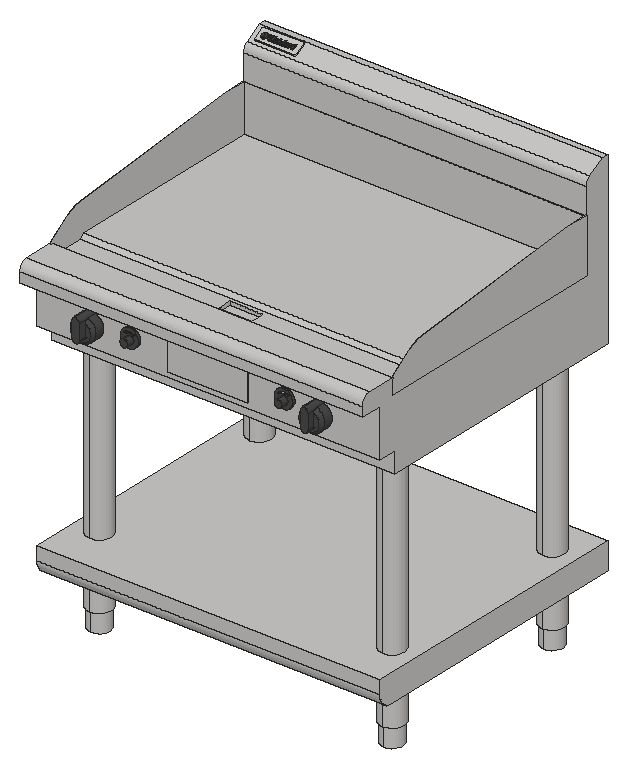
Revit family "QF_MOFFAT WALDORF_GP8900G-LS", category Specialty Equipment, Revit 2012
Parameters
  Weight in Pounds = 346.1253  # constant formula
  Width [instance] = 900.00 mm  # constant formula
  URL Cutsheet = "www.moffat.com"
  URL = "www.moffat.com"
  Type Mark [instance] = ""
  Status [instance] = ""
  Specification by User [instance] = ""
  Specification by Manufacturer = ""
  Show Logo [instance] = yes
  Show Casters [instance] = no
  Serial Number = ""
  Seismic Rating = ""
  SMACNA No = ""
  Revision Code [instance] = ""
  Omniclass Number and Title = ""
  NAFEM Spec ID Number = ""
  Model = "GP8900G-LS"
  Mechanical Remarks = ""
  Mechanical Connection Type = ""
  Masterspec = ""
  Manufacturer = "MOFFAT WALDORF"
  Legs [instance] = not(Show Casters)  # yes
  Item Number [instance] = ""
  Installed By [instance] = ""
  Identify Quantity as Lot [instance] = yes
  Height = 1130.00 mm  # constant formula
  Gas Size = 3/4"
  Gas RI Height = 0.00 mm
  Gas KW = 22.2
  Gas Input = 75825.0 Btu/h
  Gas Connection Height = 0.00 mm
  Furnished By [instance] = ""
  Foodservice Equipment Identifier [instance] = yes
  Description = "GRIDDLE PLATE GAS ON LEG STAND"
  Depth [instance] = 805.00 mm  # constant formula
  CSI MasterFormat = ""
  CSI Master Format = ""
  Back Splash [instance] = 215.00 mm  # constant formula
Reference planes
  plane 1 "BACK": y = 0
  plane 2: z = 0
  plane 3 "LEFT": x = 0
  plane 4 "RIGHT": x = 900
  plane 5 "FRONT": y = -805
  plane 6 "TOP": z = 1130
  plane 7 "Center Y": x = 450
  plane 8 "Center X": y = -402.5
  plane 9 "Base Height": z = 150
  plane 10: z = 915
  plane 11: x = 65
  plane 12: x = 834
  plane 13: y = -625
  plane 14: y = -100
  plane 15: x = 770
  plane 16: z = 655
  plane 17: y = -32
Forms (mm)
  Extrusion 1, solid, material "QF_Finishes_Stainless Steel"
    sketch origin (0, 0, 0) x (0, 1, 0) y (0, 0, 1)
      loop
        line (0, 222.5) -> (-749, 222.5) -> (-749, 188)
        arc (-749, 188) -> (-737.87, 161.13) -> (-711, 150) r 38
        line (-711, 150) -> (0, 150) -> (0, 222.5)
      loop
        line (-805, 891) -> (-805, 866) -> (-749, 866) -> (-749, 740) -> (-699, 740) -> (-699, 685) -> (0, 685) -> (0, 1130) -> (-16.5, 1130) -> (-58, 1106.04)
        arc (-58, 1106.04) -> (-66.785, 1097.255) -> (-70, 1085.255) r 24
        line (-70, 1085.255) -> (-70, 875) -> (-705, 875) -> (-705, 915) -> (-781, 915)
        arc (-781, 915) -> (-797.971, 907.971) -> (-805, 891) r 24
    from 0 to 900
  Extrusion 2, solid, material "QF_Finishes_Stainless Steel"
    sketch origin (0, -699, 222.5) x (0, -1, 0) y (1, 0, 0)
      loop
        circle (-599, 65) r 31.75
      loop
        circle (-599, 834) r 31.75
      loop
        circle (-74, 65) r 31.75
      loop
        circle (-74, 834) r 31.75
    from 0 to 462.5
  Revolve 3, solid, material "QF_Finishes_Stainless Steel", visible <- "Legs"
    sketch origin (834, -210, 0) x (0, 1, 0) y (0, 0, -1)
      loop
        line (78.25, -150) -> (110, -150) -> (110, 0) -> (82.5, 0) -> (82.5, -50) -> (78.25, -50) -> (78.25, -150)
      axis (110, -150) -> (110, 0)
    angle from 0 to 360
  Revolve 4, solid, material "QF_Finishes_Stainless Steel"
    sketch origin (834, -735, 0) x (0, 1, 0) y (0, 0, -1)
      loop
        line (78.25, -150) -> (110, -150) -> (110, 0) -> (82.5, 0) -> (82.5, -50) -> (78.25, -50) -> (78.25, -150)
      axis (110, -150) -> (110, 0)
    angle from 0 to 360
  Revolve 5, solid, material "QF_Finishes_Stainless Steel", visible <- "Legs"
    sketch origin (65, -210, 0) x (0, 1, 0) y (0, 0, -1)
      loop
        line (78.25, -150) -> (110, -150) -> (110, 0) -> (82.5, 0) -> (82.5, -50) -> (78.25, -50) -> (78.25, -150)
      axis (110, -150) -> (110, 0)
    angle from 0 to 360
  Revolve 6, solid, material "QF_Finishes_Stainless Steel"
    sketch origin (65, -735, 0) x (0, 1, 0) y (0, 0, -1)
      loop
        line (78.25, -150) -> (110, -150) -> (110, 0) -> (82.5, 0) -> (82.5, -50) -> (78.25, -50) -> (78.25, -150)
      axis (110, -150) -> (110, 0)
    angle from 0 to 360
  Revolve 7, solid, material "QF_Finishes_Black"
    sketch origin (150, 0, 602.373) x (0, 1, 0) y (0, 0, -1)
      loop
        line (-782, -229.5) -> (-759, -229.5) -> (-759, -202) -> (-749, -202) -> (-749, -197) -> (-793, -197) -> (-793, -223.651) -> (-782, -229.5)
      axis (-793, -197) -> (-749, -197)
    angle from 0 to 360
  Extrusion 8, solid, material "QF_Finishes_Black"
    sketch origin (288.27, 0, 602.531) x (-1, 0, 0) y (0, 0, -1)
      loop
        arc (148.269, -184.969) -> (138.269, -174.969) -> (128.269, -184.969) r 10
        line (128.269, -184.969) -> (128.269, -223.969)
        arc (128.269, -223.969) -> (138.269, -233.969) -> (148.269, -223.969) r 10
        line (148.269, -223.969) -> (148.269, -184.969)
    from 759 to 808
  Extrusion 9, solid, material "QF_Finishes_Stainless Steel"
    sketch origin (-295, -749, 866) x (0, 0, -1) y (1, 0, 0)
      loop
        line (24, 640) -> (111, 640) -> (111, 850) -> (24, 850) -> (24, 640)
    from 0 to 2.5
  Extrusion 10, solid, material "QF_Finishes_Stainless Steel"
    sketch origin (-295, -751.5, 866) x (0, 0, -1) y (1, 0, 0)
      loop
        line (31, 850) -> (24, 850) -> (24, 640) -> (31, 640) -> (31, 850)
    from 0 to 5
  Extrusion 11, solid, material "QF_Finishes_Black"
    sketch origin (0, -749, 866) x (0, 0, -1) y (1, 0, 0)
      loop
        circle (66.25, 247.5) r 24
      loop
        arc (56.35, 262.413) -> (48.314, 247.625) -> (56.132, 232.719) r 17.868
        arc (56.132, 232.719) -> (56.612, 232.434) -> (57.127, 232.649) r 0.621
        arc (57.127, 232.649) -> (58.564, 235.208) -> (58.908, 238.122) r 7.495
        arc (58.908, 238.122) -> (58.704, 239.05) -> (58.256, 239.888) r 3.472
        arc (58.256, 239.888) -> (55.964, 247.351) -> (58.094, 254.862) r 13.786
        arc (58.094, 254.862) -> (58.734, 256.132) -> (58.999, 257.528) r 5.101
        arc (58.999, 257.528) -> (58.628, 260.047) -> (57.334, 262.239) r 6.611
        arc (57.334, 262.239) -> (56.872, 262.497) -> (56.35, 262.413) r 0.806
    from 0 to 5
  Extrusion 12, solid, material "QF_Finishes_Black"
    sketch origin (0, -754, 866) x (0, 0, -1) y (1, 0, 0)
      loop
        circle (69.75, 247.5) r 10
    from 0 to 18.251
  Extrusion 13, solid, material "QF_Finishes_Stainless Steel"
    sketch origin (0, -699, 685) x (1, 0, 0) y (0, -1, 0)
      loop
        circle (770, -667) r 13.5
    from 0 to 30
  Revolve 14, solid, material "QF_Finishes_Black"
    sketch origin (750, 0, 602.373) x (0, 1, 0) y (0, 0, 1)
      loop
        line (-782, 229.5) -> (-793, 223.651) -> (-793, 197) -> (-749, 197) -> (-749, 202) -> (-759, 202) -> (-759, 229.5) -> (-782, 229.5)
      axis (-793, 197) -> (-749, 197)
    angle from 0 to 360
  Extrusion 15, solid, material "QF_Finishes_Black"
    sketch origin (611.73, 0, 602.531) x (1, 0, 0) y (0, 0, 1)
      loop
        line (148.269, 184.969) -> (148.269, 223.969)
        arc (148.269, 223.969) -> (138.269, 233.969) -> (128.269, 223.969) r 10
        line (128.269, 223.969) -> (128.269, 184.969)
        arc (128.269, 184.969) -> (138.269, 174.969) -> (148.269, 184.969) r 10
    from 759 to 808
  Extrusion 16, solid, material "QF_Finishes_Black"
    sketch origin (900, -749, 866) x (0, 0, -1) y (1, 0, 0)
      loop
        circle (66.25, -247.5) r 24
      loop
        arc (56.35, -262.413) -> (56.872, -262.497) -> (57.334, -262.239) r 0.806
        arc (57.334, -262.239) -> (58.628, -260.047) -> (58.999, -257.528) r 6.611
        arc (58.999, -257.528) -> (58.734, -256.132) -> (58.094, -254.862) r 5.101
        arc (58.094, -254.862) -> (55.964, -247.351) -> (58.256, -239.888) r 13.786
        arc (58.256, -239.888) -> (58.704, -239.05) -> (58.908, -238.122) r 3.472
        arc (58.908, -238.122) -> (58.564, -235.208) -> (57.127, -232.649) r 7.495
        arc (57.127, -232.649) -> (56.612, -232.434) -> (56.132, -232.719) r 0.621
        arc (56.132, -232.719) -> (48.314, -247.625) -> (56.35, -262.413) r 17.868
    from 0 to 5
  Extrusion 17, solid, material "QF_Finishes_Black"
    sketch origin (900, -754, 866) x (0, 0, -1) y (1, 0, 0)
      loop
        circle (69.75, -247.5) r 10
    from 0 to 18.251
Cuts and joins
  joined: Extrusion 9, Extrusion 10
Lines and regions (mm)
  Split face 1
    outline origin (12.5, -16.5, 1130) x (0, -0.866025, -0.5) y (1, 0, 0)
      loop
        line (5.391, 151.462) -> (40.361, 151.462) -> (40.361, 169.241) -> (5.391, 169.241) -> (5.391, 151.462)
  Split face 2
    outline origin (66.25, -16.5, 1130) x (0, -0.866025, -0.5) y (1, 0, 0)
      loop
        line (5.391, 151.462) -> (40.361, 151.462) -> (40.361, 169.241) -> (5.391, 169.241) -> (5.391, 151.462)
  Split face 3
    outline origin (120, -16.5, 1130) x (0, -0.866025, -0.5) y (1, 0, 0)
      loop
        line (5.391, 151.462) -> (40.361, 151.462) -> (40.361, 169.241) -> (5.391, 169.241) -> (5.391, 151.462)
  Split face 4
    outline origin (-121.25, -16.5, 1130) x (0, -0.866025, -0.5) y (1, 0, 0)
      loop
        line (5.391, 451.462) -> (40.361, 451.462) -> (40.361, 469.241) -> (5.391, 469.241) -> (5.391, 451.462)
  Split face 5
    outline origin (-67.5, -16.5, 1130) x (0, -0.866025, -0.5) y (1, 0, 0)
      loop
        line (5.391, 451.462) -> (40.361, 451.462) -> (40.361, 469.241) -> (5.391, 469.241) -> (5.391, 451.462)
  Split face 6
    outline origin (-13.75, -16.5, 1130) x (0, -0.866025, -0.5) y (1, 0, 0)
      loop
        line (5.391, 451.462) -> (40.361, 451.462) -> (40.361, 469.241) -> (5.391, 469.241) -> (5.391, 451.462)
  Split face 7
    outline origin (40, -16.5, 1130) x (0, -0.866025, -0.5) y (1, 0, 0)
      loop
        line (5.391, 451.462) -> (40.361, 451.462) -> (40.361, 469.241) -> (5.391, 469.241) -> (5.391, 451.462)
  Split face 8
    outline origin (95, -16.5, 1130) x (0, -0.866025, -0.5) y (1, 0, 0)
      loop
        line (5.391, 451.462) -> (40.361, 451.462) -> (40.361, 469.241) -> (5.391, 469.241) -> (5.391, 451.462)
  Split face 9
    outline origin (150, -16.5, 1130) x (0, -0.866025, -0.5) y (1, 0, 0)
      loop
        line (5.391, 451.462) -> (40.361, 451.462) -> (40.361, 469.241) -> (5.391, 469.241) -> (5.391, 451.462)
  Split face 10
    outline origin (205, -16.5, 1130) x (0, -0.866025, -0.5) y (1, 0, 0)
      loop
        line (5.391, 451.462) -> (40.361, 451.462) -> (40.361, 469.241) -> (5.391, 469.241) -> (5.391, 451.462)
  symbolic lines
    curve 1: line (0, 0, 0) -> (0, -805, 0)
    curve 2: line (900, 0, 0) -> (0, 0, 0)
    curve 3: line (900, -805, 0) -> (900, 0, 0)
    curve 4: line (0, -70, 0) -> (900, -70, 0)
    curve 5: line (0, -805, 0) -> (900, -805, 0)
    curve 6: line (12.5, -20.958, 0) -> (121.5, -20.958, 0)
    curve 7: line (12.5, -51.234, 0) -> (12.5, -20.958, 0)
    curve 8: line (121.5, -20.958, 0) -> (121.5, -51.234, 0)
    curve 9: line (12.5, -51.234, 0) -> (121.5, -51.234, 0)
    curve 10: line (181.741, -21.168, 0) -> (181.741, -51.453, 0)
    curve 11: line (181.741, -51.453, 0) -> (163.962, -51.453, 0)
    curve 12: line (163.962, -51.453, 0) -> (163.962, -21.168, 0)
    curve 13: line (163.962, -21.168, 0) -> (181.741, -21.168, 0)
    curve 14: line (217.712, -51.453, 0) -> (217.712, -21.168, 0)
    curve 15: line (217.712, -21.168, 0) -> (235.491, -21.168, 0)
    curve 16: line (235.491, -21.168, 0) -> (235.491, -51.453, 0)
    curve 17: line (235.491, -51.453, 0) -> (217.712, -51.453, 0)
    curve 18: line (271.462, -51.453, 0) -> (271.462, -21.168, 0)
    curve 19: line (271.462, -21.168, 0) -> (289.241, -21.168, 0)
    curve 20: line (289.241, -21.168, 0) -> (289.241, -51.453, 0)
    curve 21: line (289.241, -51.453, 0) -> (271.462, -51.453, 0)
    curve 22: line (330.212, -51.453, 0) -> (330.212, -21.168, 0)
    curve 23: line (330.212, -21.168, 0) -> (347.991, -21.168, 0)
    curve 24: line (347.991, -21.168, 0) -> (347.991, -51.453, 0)
    curve 25: line (347.991, -51.453, 0) -> (330.212, -51.453, 0)
    curve 26: line (383.962, -51.453, 0) -> (401.741, -51.453, 0)
    curve 27: line (401.741, -51.453, 0) -> (401.741, -21.168, 0)
    curve 28: line (401.741, -21.168, 0) -> (383.962, -21.168, 0)
    curve 29: line (383.962, -21.168, 0) -> (383.962, -51.453, 0)
    curve 30: line (437.712, -51.453, 0) -> (455.491, -51.453, 0)
    curve 31: line (455.491, -51.453, 0) -> (455.491, -21.168, 0)
    curve 32: line (455.491, -21.168, 0) -> (437.712, -21.168, 0)
    curve 33: line (437.712, -21.168, 0) -> (437.712, -51.453, 0)
    curve 34: line (491.462, -51.453, 0) -> (509.241, -51.453, 0)
    curve 35: line (509.241, -51.453, 0) -> (509.241, -21.168, 0)
    curve 36: line (509.241, -21.168, 0) -> (491.462, -21.168, 0)
    curve 37: line (491.462, -21.168, 0) -> (491.462, -51.453, 0)
    curve 38: line (546.462, -51.453, 0) -> (564.241, -51.453, 0)
    curve 39: line (564.241, -51.453, 0) -> (564.241, -21.168, 0)
    curve 40: line (564.241, -21.168, 0) -> (546.462, -21.168, 0)
    curve 41: line (546.462, -21.168, 0) -> (546.462, -51.453, 0)
    curve 42: line (601.462, -51.453, 0) -> (619.241, -51.453, 0)
    curve 43: line (619.241, -51.453, 0) -> (619.241, -21.168, 0)
    curve 44: line (619.241, -21.168, 0) -> (601.462, -21.168, 0)
    curve 45: line (601.462, -21.168, 0) -> (601.462, -51.453, 0)
    curve 46: line (656.462, -51.453, 0) -> (674.241, -51.453, 0)
    curve 47: line (674.241, -51.453, 0) -> (674.241, -21.168, 0)
    curve 48: line (674.241, -21.168, 0) -> (656.462, -21.168, 0)
    curve 49: line (656.462, -21.168, 0) -> (656.462, -51.453, 0)
Dimensions and locks
  equal spacing: plane 3 "LEFT", plane 7 "Center Y", plane 4 "RIGHT"
  "Width": plane 3 "LEFT" to plane 4 "RIGHT"
  equal spacing: plane 5 "FRONT", plane 8 "Center X", plane 1 "BACK"
  "Depth": plane 5 "FRONT" to plane 1 "BACK"
  locked: plane 10 to level at 915
  locked: plane 9 "Base Height" to level at 150
  plane 6 "TOP" to plane 10 = 215.00 mm
  plane 13 to plane 14 = 525.00 mm
  "Height": plane 6 "TOP" to level
  plane 15 to plane 4 "RIGHT" = 130.00 mm
  plane 16 to level = 655.00 mm
  plane 17 to plane 1 "BACK" = 32.00 mm
  aligned and locked: level to plane 2
Automatic sketch dimensions
  plane 1 "BACK" to curve 1 = 0.00 mm
  curve 1 to plane 3 "LEFT" = 0.00 mm
  curve 2 to plane 4 "RIGHT" = 0.00 mm
  plane 5 "FRONT" to curve 5 = 0.00 mm
  plane 3 "LEFT" to curve 6 = 12.50 mm
  curve 9 to plane 17 = 19.234 mm
  plane 11 to curve 9 = 56.50 mm
  plane 17 to curve 12 = 10.832 mm
  curve 6 to curve 12 = 42.462 mm
  curve 12 to curve 13 = 17.779 mm
  curve 10 to curve 14 = 35.971 mm
  curve 14 to curve 15 = 17.779 mm
  plane 17 to curve 19 = 10.832 mm
  curve 15 to curve 19 = 35.971 mm
  curve 18 to curve 20 = 17.779 mm
  curve 22 to plane 17 = 19.453 mm
  curve 20 to curve 22 = 40.971 mm
  curve 22 to curve 24 = 17.779 mm
  plane 17 to curve 29 = 10.832 mm
  curve 23 to curve 29 = 35.971 mm
  curve 28 to curve 27 = 17.779 mm
  curve 33 to plane 7 "Center Y" = 12.288 mm
  plane 7 "Center Y" to curve 31 = 5.491 mm
  plane 17 to curve 36 = 10.832 mm
  curve 31 to curve 36 = 35.971 mm
  curve 36 to curve 36 = 17.779 mm
  plane 17 to curve 40 = 10.832 mm
  curve 35 to curve 40 = 37.221 mm
  curve 40 to curve 40 = 17.779 mm
  curve 38 to curve 45 = 37.221 mm
  curve 44 to curve 43 = 17.779 mm
  plane 17 to curve 48 = 10.832 mm
  curve 43 to curve 48 = 37.221 mm
  curve 48 to curve 48 = 17.779 mm
  curve 4 to curve 7 = 18.766 mm
  curve 46 to plane 17 = 19.453 mm
  curve 45 to plane 17 = 19.453 mm
  curve 41 to plane 17 = 19.453 mm
  curve 37 to plane 17 = 19.453 mm
  curve 10 to plane 17 = 19.453 mm
  curve 14 to plane 17 = 19.453 mm
  curve 33 to plane 17 = 19.453 mm
  curve 18 to plane 17 = 19.453 mm
  curve 29 to plane 17 = 19.453 mm
  plane 17 to curve 16 = 10.832 mm
  plane 17 to curve 22 = 10.832 mm
  plane 17 to curve 32 = 10.832 mm
  plane 17 to curve 43 = 10.832 mm
  plane 17 to curve 7 = 11.042 mm
  Extrusion 1 sketch curve to plane 5 "FRONT" = 0.00 mm
  Extrusion 1 sketch curve to plane 10 = 0.00 mm
  Extrusion 1 sketch curve to plane 9 "Base Height" = 0.00 mm
  Extrusion 1 sketch curve to plane 6 "TOP" = 0.00 mm
  Extrusion 1 sketch curve to plane 1 "BACK" = 0.00 mm  (x2)
  Extrusion 1 sketch curve to plane 5 "FRONT" = 24.00 mm
  Extrusion 1 sketch curve to plane 5 "FRONT" = 56.00 mm  (x2)
  Extrusion 1 sketch curve to Extrusion 1 sketch curve = 38.00 mm
  Extrusion 1 sketch curve to Extrusion 1 sketch curve = 44.00 mm
  Extrusion 1 sketch curve to Extrusion 1 sketch curve = 50.00 mm
  plane 14 to Extrusion 1 sketch curve = 30.00 mm
  Extrusion 1 sketch curve to Extrusion 1 sketch curve = 12.00 mm
  Extrusion 1 sketch curve to plane 17 = 14.00 mm
  plane 17 to Extrusion 1 sketch curve = 15.50 mm
  Extrusion 1 sketch curve to Extrusion 1 sketch curve = 72.50 mm
  plane 16 to Extrusion 1 sketch curve = 30.00 mm
  Extrusion 1 sketch curve to Extrusion 1 sketch curve = 55.00 mm
  Extrusion 1 sketch curve to Extrusion 1 sketch curve = 25.00 mm
  Extrusion 1 sketch curve to plane 10 = 40.00 mm
  Extrusion 1 sketch curve to plane 6 "TOP" = 44.745 mm
  Extrusion 2 sketch curve to Extrusion 2 sketch curve = 0.00 mm  (x8)
  Extrusion 1 to Extrusion 2 sketch curve = 68.25 mm  (x2)
  Extrusion 2 sketch curve to Extrusion 2 sketch curve = 31.75 mm  (x4)
  Extrusion 1 to Extrusion 2 sketch curve = 155.75 mm  (x2)
  Extrusion 1 to Extrusion 2 sketch curve = 65.00 mm  (x2)
  Extrusion 1 to Extrusion 2 sketch curve = 66.00 mm  (x2)
  Revolve 3 sketch curve to plane 9 "Base Height" = 0.00 mm
  Revolve 3 sketch curve to level = 0.00 mm
  Revolve 3 sketch curve to plane 14 = 0.00 mm  (x2)
  Revolve 3 sketch curve to plane 14 = 27.50 mm
  Revolve 3 sketch curve to plane 14 = 31.75 mm
  level to Revolve 3 sketch curve = 50.00 mm
  Revolve 3 sketch curve to Revolve 3 sketch curve = 0.00 mm
  Revolve 3 sketch curve to Revolve 3 sketch curve = 55.00 mm
  Revolve 4 sketch curve to plane 9 "Base Height" = 0.00 mm
  Revolve 4 sketch curve to level = 0.00 mm
  Revolve 4 sketch curve to plane 13 = 0.00 mm  (x2)
  Revolve 4 sketch curve to plane 13 = 27.50 mm
  Revolve 4 sketch curve to plane 13 = 31.75 mm
  level to Revolve 4 sketch curve = 50.00 mm
  Revolve 4 sketch curve to Revolve 4 sketch curve = 0.00 mm
  Revolve 4 sketch curve to Revolve 4 sketch curve = 55.00 mm
  Revolve 5 sketch curve to plane 9 "Base Height" = 0.00 mm
  Revolve 5 sketch curve to level = 0.00 mm
  Revolve 5 sketch curve to plane 14 = 0.00 mm  (x2)
  Revolve 5 sketch curve to plane 14 = 27.50 mm
  Revolve 5 sketch curve to plane 14 = 31.75 mm
  level to Revolve 5 sketch curve = 50.00 mm
  Revolve 5 sketch curve to Revolve 5 sketch curve = 0.00 mm
  Revolve 5 sketch curve to Revolve 5 sketch curve = 55.00 mm
  Revolve 6 sketch curve to plane 9 "Base Height" = 0.00 mm
  Revolve 6 sketch curve to level = 0.00 mm
  Revolve 6 sketch curve to plane 13 = 0.00 mm  (x2)
  Revolve 6 sketch curve to plane 13 = 27.50 mm
  Revolve 6 sketch curve to plane 13 = 31.75 mm
  level to Revolve 6 sketch curve = 50.00 mm
  Revolve 6 sketch curve to Revolve 6 sketch curve = 0.00 mm
  Revolve 6 sketch curve to Revolve 6 sketch curve = 55.00 mm
  Extrusion 1 to Split face 1 sketch curve = 5.391 mm
  Split face 1 sketch curve to Extrusion 1 = 7.559 mm
  Split face 1 sketch curve to Extrusion 1 = 163.962 mm
  Split face 1 sketch curve to Split face 1 sketch curve = 17.779 mm
  Extrusion 1 to Split face 2 sketch curve = 5.391 mm
  Split face 2 sketch curve to Extrusion 1 = 7.559 mm
  Split face 2 sketch curve to Extrusion 1 = 217.712 mm
  Split face 2 sketch curve to Split face 2 sketch curve = 17.779 mm
  Extrusion 1 to Split face 3 sketch curve = 5.391 mm
  Split face 3 sketch curve to Extrusion 1 = 7.559 mm
  Split face 3 sketch curve to Extrusion 1 = 271.462 mm
  Split face 3 sketch curve to Split face 3 sketch curve = 17.779 mm
  Extrusion 1 to Split face 4 sketch curve = 5.391 mm
  Split face 4 sketch curve to Extrusion 1 = 7.559 mm
  Split face 4 sketch curve to Extrusion 1 = 330.212 mm
  Split face 4 sketch curve to Split face 4 sketch curve = 17.779 mm
  Extrusion 1 to Split face 5 sketch curve = 5.391 mm
  Split face 5 sketch curve to Extrusion 1 = 7.559 mm
  Split face 5 sketch curve to Extrusion 1 = 383.962 mm
  Split face 5 sketch curve to Split face 5 sketch curve = 17.779 mm
  Extrusion 1 to Split face 6 sketch curve = 5.391 mm
  Split face 6 sketch curve to Extrusion 1 = 7.559 mm
  Split face 6 sketch curve to Extrusion 1 = 437.712 mm
  Split face 6 sketch curve to Split face 6 sketch curve = 17.779 mm
  Extrusion 1 to Split face 7 sketch curve = 5.391 mm
  Split face 7 sketch curve to Extrusion 1 = 7.559 mm
  Split face 7 sketch curve to Extrusion 1 = 408.538 mm
  Split face 7 sketch curve to Split face 7 sketch curve = 17.779 mm
  Revolve 7 sketch curve to plane 5 "FRONT" = 12.00 mm
  Revolve 7 sketch curve to Revolve 7 sketch curve = 0.00 mm  (x2)
  Revolve 7 sketch curve to Revolve 7 sketch curve = 11.00 mm
  Revolve 7 sketch curve to Revolve 7 sketch curve = 12.70 mm
  Revolve 7 sketch curve to Revolve 7 sketch curve = 23.00 mm
  Revolve 7 sketch curve to Revolve 7 sketch curve = 10.00 mm
  Revolve 7 sketch curve to plane 10 = 83.127 mm
  Revolve 7 sketch curve to Revolve 7 sketch curve = 5.849 mm
  Revolve 7 sketch curve to Revolve 7 sketch curve = 27.50 mm
  Revolve 7 sketch curve to Revolve 7 sketch curve = 5.00 mm
  plane 11 to Extrusion 8 sketch curve = 95.001 mm
  Extrusion 8 sketch curve to Extrusion 8 sketch curve = 10.00 mm
  Extrusion 8 sketch curve to plane 10 = 88.50 mm
  Extrusion 8 sketch curve to Extrusion 8 sketch curve = 39.00 mm
  Extrusion 1 to Extrusion 9 sketch curve = 24.00 mm
  Extrusion 9 sketch curve to Extrusion 1 = 15.00 mm
  Extrusion 1 to Extrusion 9 sketch curve = 345.00 mm
  Extrusion 9 sketch curve to Extrusion 9 sketch curve = 210.00 mm
  Extrusion 10 sketch curve to Extrusion 9 = 0.00 mm  (x2)
  Extrusion 9 to Extrusion 10 sketch curve = 0.00 mm
  Extrusion 10 sketch curve to Extrusion 9 = 7.00 mm
  Extrusion 1 to Extrusion 11 sketch curve = 51.437 mm
  Extrusion 11 sketch curve to Extrusion 11 sketch curve = 0.958 mm
  Extrusion 11 sketch curve to Extrusion 11 sketch curve = 1.509 mm
  Extrusion 11 sketch curve to Extrusion 11 sketch curve = 4.01 mm
  Extrusion 11 sketch curve to Extrusion 11 sketch curve = 0.685 mm
  Extrusion 11 sketch curve to Extrusion 11 sketch curve = 2.447 mm
  Extrusion 11 sketch curve to Extrusion 11 sketch curve = 0.524 mm
  Extrusion 11 sketch curve to Extrusion 11 sketch curve = 0.381 mm
  Extrusion 11 sketch curve to Extrusion 11 sketch curve = 0.472 mm
  Extrusion 11 sketch curve to Extrusion 11 sketch curve = 0.00 mm  (x5)
  Extrusion 11 sketch curve to Extrusion 11 sketch curve = 0.602 mm
  Extrusion 11 sketch curve to Extrusion 11 sketch curve = 4.19 mm
  Extrusion 11 sketch curve to Extrusion 11 sketch curve = 2.809 mm
  Extrusion 11 sketch curve to Extrusion 11 sketch curve = 0.652 mm
  Extrusion 11 sketch curve to Extrusion 11 sketch curve = 0.905 mm
  Extrusion 11 sketch curve to Extrusion 11 sketch curve = 8.087 mm
  Extrusion 11 sketch curve to Extrusion 11 sketch curve = 0.069 mm
  Extrusion 11 sketch curve to Extrusion 11 sketch curve = 3.50 mm
  Extrusion 1 to Extrusion 11 sketch curve = 232.649 mm
  Extrusion 11 sketch curve to Extrusion 11 sketch curve = 0.07 mm
  Extrusion 11 sketch curve to Extrusion 11 sketch curve = 7.606 mm
  Extrusion 11 sketch curve to Extrusion 11 sketch curve = 0.007 mm
  Extrusion 13 sketch curve to Extrusion 1 = 32.00 mm
  Extrusion 13 sketch curve to Extrusion 1 = 130.00 mm
  Revolve 14 sketch curve to plane 5 "FRONT" = 12.00 mm
  Revolve 14 sketch curve to Revolve 14 sketch curve = 0.00 mm  (x2)
  Revolve 14 sketch curve to Revolve 14 sketch curve = 11.00 mm
  Revolve 14 sketch curve to Revolve 14 sketch curve = 12.70 mm
  Revolve 14 sketch curve to Revolve 14 sketch curve = 23.00 mm
  Revolve 14 sketch curve to Revolve 14 sketch curve = 10.00 mm
  Revolve 14 sketch curve to plane 10 = 115.627 mm
  Revolve 14 sketch curve to Revolve 14 sketch curve = 5.00 mm
  Revolve 14 sketch curve to Revolve 14 sketch curve = 26.651 mm
  Revolve 14 sketch curve to Revolve 14 sketch curve = 5.849 mm
  Extrusion 15 sketch curve to plane 15 = 30.001 mm
  Extrusion 15 sketch curve to Extrusion 15 sketch curve = 10.00 mm
  Extrusion 15 sketch curve to plane 10 = 127.50 mm
  Extrusion 15 sketch curve to Extrusion 15 sketch curve = 39.00 mm
  Extrusion 1 to Extrusion 16 sketch curve = 51.437 mm
  Extrusion 16 sketch curve to Extrusion 16 sketch curve = 0.958 mm
  Extrusion 16 sketch curve to Extrusion 16 sketch curve = 1.509 mm
  Extrusion 16 sketch curve to Extrusion 16 sketch curve = 4.01 mm
  Extrusion 16 sketch curve to Extrusion 16 sketch curve = 0.685 mm
  Extrusion 16 sketch curve to Extrusion 16 sketch curve = 2.447 mm
  Extrusion 16 sketch curve to Extrusion 16 sketch curve = 0.524 mm
  Extrusion 16 sketch curve to Extrusion 16 sketch curve = 0.381 mm
  Extrusion 16 sketch curve to Extrusion 16 sketch curve = 0.472 mm
  Extrusion 16 sketch curve to Extrusion 16 sketch curve = 0.00 mm  (x5)
  Extrusion 16 sketch curve to Extrusion 16 sketch curve = 0.602 mm
  Extrusion 16 sketch curve to Extrusion 16 sketch curve = 4.19 mm
  Extrusion 16 sketch curve to Extrusion 16 sketch curve = 2.809 mm
  Extrusion 16 sketch curve to Extrusion 16 sketch curve = 0.652 mm
  Extrusion 16 sketch curve to Extrusion 16 sketch curve = 0.905 mm
  Extrusion 16 sketch curve to Extrusion 16 sketch curve = 8.087 mm
  Extrusion 16 sketch curve to Extrusion 16 sketch curve = 0.069 mm
  Extrusion 16 sketch curve to Extrusion 16 sketch curve = 3.50 mm
  Extrusion 1 to Extrusion 16 sketch curve = 262.413 mm
  Extrusion 16 sketch curve to Extrusion 16 sketch curve = 0.175 mm
  Extrusion 16 sketch curve to Extrusion 16 sketch curve = 7.362 mm
  Extrusion 16 sketch curve to Extrusion 16 sketch curve = 0.007 mm
  Extrusion 1 to Split face 8 sketch curve = 5.391 mm
  Split face 8 sketch curve to Extrusion 1 = 7.559 mm
  Split face 8 sketch curve to Extrusion 1 = 353.538 mm
  Split face 8 sketch curve to Split face 8 sketch curve = 17.779 mm
  Extrusion 1 to Split face 9 sketch curve = 5.391 mm
  Split face 9 sketch curve to Extrusion 1 = 7.559 mm
  Split face 9 sketch curve to Extrusion 1 = 298.538 mm
  Split face 9 sketch curve to Split face 9 sketch curve = 17.779 mm
  Extrusion 1 to Split face 10 sketch curve = 5.391 mm
  Split face 10 sketch curve to Extrusion 1 = 7.559 mm
  Split face 10 sketch curve to Extrusion 1 = 243.538 mm
  Split face 10 sketch curve to Split face 10 sketch curve = 17.779 mm
  radius of Extrusion 11 sketch curve = 24.00 mm
  radius of Extrusion 12 sketch curve to Extrusion 11 = 3.786 mm
  radius of Extrusion 13 sketch curve = 13.50 mm
  radius of Extrusion 16 sketch curve = 24.00 mm
  radius of Extrusion 17 sketch curve to Extrusion 16 = 3.786 mm
Nested families
  nested 1: "GP8900G-LS-CASTERS" at (65, -127.5, 0), Show Casters <- "Show Casters", visible <- "Show Casters", type "GP8600G-LS-CASTERS"
    with Type Mark "", Status "", Specification by User "", Show Casters no, Revision Code "", Item Number "", Installed By "", Identify Quantity as Lot yes, Furnished By "", Foodservice Equipment Identifier yes
  nested 2: "GP8900G-LS-CASTERS" at (835, -127.5, 0), Show Casters <- "Show Casters", visible <- "Show Casters", type "GP8600G-LS-CASTERS"
    with Type Mark "", Status "", Specification by User "", Show Casters no, Revision Code "", Item Number "", Installed By "", Identify Quantity as Lot yes, Furnished By "", Foodservice Equipment Identifier yes
  nested 3: "GAS GRIDDLE PLATE" at (0, -70, 875), type "GAS GRIDDLE PLATE"
    with Type Mark "", Status "", Specification by User "", Show Clearance yes, Revision Code "", Number of Poles 1, Mechanical Remarks "", Mechanical Connection Type "", Item Number "", Installed By "", Identify Quantity as Lot yes, Gas RI Height 0.00 mm, Gas KW 0, Gas Input 0.0 Btu/h, Furnished By "", Foodservice Equipment Identifier yes, Electrical Remarks "", Electric Connection Type "", Elec Conn RI Height 0.00 mm, Elec Conn Connection Height 0.00 mm
  nested 4: "WALDORF LOGO_FACE BASE" at (12.5, -21.713, 1126.99) x (1, 0, 0) z (0, -0.5, 0.866), visible <- "Show Logo", type "WALDORF LOGO_FACE BASE", detail levels medium+fine
    with Show Logo yes
Connectors
  piping at (770, -32, 655)
    settings: on Extrusion 13, index 1, connector radius 0.37402", flow factor 0, pipe flow 0 GPM, pressure drop 0.00 psi, fitting loss kfactor 0, connector angle 0.00°, fixture units 0, engagement length 0.00 mm, flow configuration 1, flow direction 1, fitting loss method 0, system type 7, joint type 0, gender type 0, connector reference index -1, connector utility 0, adjustable connector no, is connector primary yes, fitting loss table "", connector description "GAS CONNECTION"
Definition of nested family "GAS GRIDDLE PLATE"
  Parameters (values of type "GAS GRIDDLE PLATE")
    Weight in Pounds = 0
    Watts = 0 W
    Volts = 0 V
    URL Cutsheet = ""
    Type Mark [instance] = ""
    Status [instance] = ""
    Specification by User [instance] = ""
    Specification by Manufacturer = ""
    Show Clearance [instance] = yes
    Serial Number = ""
    Seismic Rating = ""
    SMACNA No = ""
    Revision Code [instance] = ""
    Phase = 1
    Omniclass Number and Title = ""
    Number of Poles [instance] = 1
    NAFEM Spec ID Number = ""
    Min Ckt Ampacity = 0 A
    Mechanical Remarks [instance] = ""
    Mechanical Connection Type [instance] = ""
    Max Overcurrent Protection = 0 A
    Masterspec = ""
    Item Number [instance] = ""
    Installed By [instance] = ""
    Identify Quantity as Lot [instance] = yes
    HP = ""
    Gas Size = 0"
    Gas RI Height [instance] = 0.00 mm
    Gas KW [instance] = 0
    Gas Input [instance] = 0.0 Btu/h
    Gas Connection Height = 0.00 mm
    Furnished By [instance] = ""
    Foodservice Equipment Identifier [instance] = yes
    FL Amps = 0 A
    Electrical Remarks [instance] = ""
    Electric Connection Type [instance] = ""
    Elec Conn RI Height [instance] = 0.00 mm
    Elec Conn Connection Height [instance] = 0.00 mm
    Cycle = 0 Hz
    Conn Plug = ""
    Conn Conduit = yes
    CSI MasterFormat = ""
    CSI Master Format = ""
    Apparent Power = if(Phase = 3, Volts * FL Amps * 1.73, Volts * FL Amps)  # 0 VA
  Reference planes
    plane 1 "BACK": y = 0
    plane 2: z = 0
    plane 3 "LEFT": x = 0
    plane 4 "RIGHT": x = 900
    plane 5 "FRONT": y = -634.4
    plane 6 "TOP": z = 142.5
    plane 7 "Center Y": x = 450
    plane 8 "Center X": y = -317.2
  Forms (mm)
    Extrusion 1, solid, material "QF_Finishes_Stainless Steel"
      sketch origin (0, 70.003, -875) x (0, 1, 0) y (0, 0, 1)
        loop
          line (-70, 875) -> (-70, 1017.5) -> (-126.948, 1017.5) -> (-604.433, 971.523)
          arc (-604.433, 971.523) -> (-629.46, 965.803) -> (-652.206, 953.899) r 100
          line (-652.206, 953.899) -> (-704.403, 917.35) -> (-704.403, 875) -> (-70, 875)
      from 0 to 1.8
    Extrusion 2, solid, material "QF_Finishes_Stainless Steel"
      sketch origin (150, 70.003, -875) x (0, 1, 0) y (0, 0, 1)
        loop
          line (-70, 895) -> (-601, 895) -> (-611.5, 884.5) -> (-704.403, 884.5) -> (-704.403, 875) -> (-70, 875) -> (-70, 895)
      from -148.2 to 748.2
    Extrusion 3, void
      sketch origin (150, -541.497, 9.5) x (0, -1, 0) y (1, 0, 0)
        loop
          line (10, 344.25) -> (10, 255.75) -> (48.5, 255.75) -> (48.5, 344.25) -> (10, 344.25)
      from -41.4 to 40.142
    Extrusion 4, solid, material "QF_Finishes_Stainless Steel"
      sketch origin (150, 0.003, 211.074) x (0, 0, -1) y (1, 0, 0)
        loop
          line (68.574, -148.2) -> (191.074, -148.2) -> (191.074, 748.2) -> (68.574, 748.2) -> (68.574, -148.2)
      from 0 to 1.683
    Extrusion 5, solid, material "QF_Finishes_Stainless Steel"
      sketch origin (900, 70.003, -875) x (0, 1, 0) y (0, 0, -1)
        loop
          line (-70, -875) -> (-704.403, -875) -> (-704.403, -917.35) -> (-652.206, -953.899)
          arc (-652.206, -953.899) -> (-629.46, -965.803) -> (-604.433, -971.523) r 100
          line (-604.433, -971.523) -> (-126.948, -1017.5) -> (-70, -1017.5) -> (-70, -875)
      from 0 to 1.8
  Cuts and joins
    Extrusion 3 cuts Extrusion 2
  Lines and regions (mm)
    symbolic lines
      curve 1: line (898.8, -530.997, 0) -> (1.8, -530.997, 0)
      curve 2: line (1.8, -541.497, 0) -> (898.8, -541.497, 0)
      curve 3: line (405.75, -551.497, 0) -> (405.75, -589.997, 0)
      curve 4: line (405.75, -589.997, 0) -> (494.25, -589.997, 0)
      curve 5: line (494.25, -589.997, 0) -> (494.25, -551.497, 0)
      curve 6: line (494.25, -551.497, 0) -> (405.75, -551.497, 0)
      curve 7: line (1.8, -1.68, 0) -> (898.8, -1.68, 0)
      curve 8: line (898.8, -1.68, 0) -> (898.8, -634.4, 0)
      curve 9: line (1.8, -634.4, 0) -> (1.8, -1.68, 0)
      curve 10: line (1.8, -634.4, 0) -> (898.8, -634.4, 0)
  Dimensions and locks
    equal spacing: plane 3 "LEFT", plane 7 "Center Y", plane 4 "RIGHT"
    plane 3 "LEFT" to plane 4 "RIGHT" = 900.00 mm
    equal spacing: plane 5 "FRONT", plane 8 "Center X", plane 1 "BACK"
    plane 5 "FRONT" to plane 1 "BACK" = 634.40 mm
    aligned and locked: level to plane 2
  Automatic sketch dimensions
    plane 5 "FRONT" to curve 10 = 0.00 mm
    plane 3 "LEFT" to curve 10 = 1.80 mm
    curve 4 to plane 5 "FRONT" = 44.403 mm
    plane 4 "RIGHT" to curve 4 = 494.25 mm
    plane 4 "RIGHT" to curve 5 = 405.75 mm
    plane 4 "RIGHT" to curve 8 = 1.20 mm
    curve 3 to curve 3 = 38.50 mm
    curve 2 to plane 5 "FRONT" = 92.903 mm
    curve 2 to curve 1 = 10.50 mm
    plane 1 "BACK" to curve 9 = 1.68 mm
    Extrusion 1 sketch curve to level = 0.00 mm
    Extrusion 1 sketch curve to plane 5 "FRONT" = 0.00 mm
    Extrusion 1 sketch curve to plane 6 "TOP" = 0.00 mm
    Extrusion 1 sketch curve to plane 5 "FRONT" = 52.197 mm
    Extrusion 1 sketch curve to Extrusion 1 sketch curve = 47.773 mm
    Extrusion 1 sketch curve to level = 3.016 mm
    Extrusion 1 sketch curve to Extrusion 1 sketch curve = 9.585 mm
    plane 1 "BACK" to Extrusion 1 sketch curve = 56.945 mm
    Extrusion 1 sketch curve to plane 1 "BACK" = 0.003 mm
    level to Extrusion 1 sketch curve = 42.35 mm
    Extrusion 1 sketch curve to plane 6 "TOP" = 63.601 mm
    Extrusion 2 sketch curve to level = 0.00 mm
    Extrusion 2 sketch curve to plane 5 "FRONT" = 0.00 mm
    level to Extrusion 2 sketch curve = 9.50 mm
    Extrusion 2 sketch curve to Extrusion 2 sketch curve = 92.903 mm
    Extrusion 2 sketch curve to Extrusion 2 sketch curve = 10.50 mm  (x2)
    Extrusion 2 sketch curve to plane 1 "BACK" = 0.003 mm
    Extrusion 2 to Extrusion 3 sketch curve = 10.00 mm
    Extrusion 3 sketch curve to Extrusion 3 sketch curve = 38.50 mm
    Extrusion 2 to Extrusion 3 sketch curve = 492.45 mm
    Extrusion 2 to Extrusion 3 sketch curve = 403.95 mm
    Extrusion 4 sketch curve to plane 6 "TOP" = 0.00 mm
    level to Extrusion 4 sketch curve = 20.00 mm
    plane 3 "LEFT" to Extrusion 4 sketch curve = 1.80 mm
    plane 7 "Center Y" to Extrusion 4 sketch curve = 448.20 mm
    Extrusion 5 sketch curve to level = 0.00 mm
    Extrusion 5 sketch curve to plane 5 "FRONT" = 0.00 mm
    Extrusion 5 sketch curve to plane 6 "TOP" = 0.00 mm
    Extrusion 5 sketch curve to plane 5 "FRONT" = 52.197 mm
    Extrusion 5 sketch curve to Extrusion 5 sketch curve = 47.773 mm
    Extrusion 5 sketch curve to level = 3.016 mm
    Extrusion 5 sketch curve to Extrusion 5 sketch curve = 57.358 mm
    plane 1 "BACK" to Extrusion 5 sketch curve = 56.945 mm
    Extrusion 5 sketch curve to plane 1 "BACK" = 0.003 mm
    Extrusion 5 sketch curve to plane 6 "TOP" = 45.977 mm
    level to Extrusion 5 sketch curve = 42.35 mm
Definition of nested family "WALDORF LOGO_FACE BASE"
  Parameters (values of type "WALDORF LOGO_FACE BASE")
    Show Logo [instance] = yes
    Default Elevation = 1219.20 mm
  Reference planes
    plane 1 "Center (Front/Back)": y = 0
    plane 2: z = 0
    plane 3 "Center (Left/Right)": x = 0
  Forms (mm)
    Extrusion 1, solid
      sketch origin (0, 0, 0) x (1, 0, 0) y (0, 1, 0)
        loop
          line (-1219.2, 1219.2) -> (-1219.2, -1219.2) -> (1219.2, -1219.2) -> (1219.2, 1219.2) -> (-1219.2, 1219.2)
      from 0 to -304.8
    Extrusion 2, solid, material "QF_Finishes_Stainless Steel", visible <- "Show Logo"
      sketch origin (0, -33.217, 0) x (1, 0, 0) y (0, 1, 0)
        loop
          arc (5, 34.14) -> (1.464, 32.676) -> (0, 29.14) r 5
          line (0, 29.14) -> (0, 5)
          arc (0, 5) -> (1.464, 1.464) -> (5, 0) r 5
          line (5, 0) -> (104, 0)
          arc (104, 0) -> (107.536, 1.464) -> (109, 5) r 5
          line (109, 5) -> (109, 29.14)
          arc (109, 29.14) -> (107.536, 32.676) -> (104, 34.14) r 5
          line (104, 34.14) -> (5, 34.14)
      from 0 to 1.588
    Extrusion 3, solid, material "QF_Finishes_Black", visible <- "Show Logo"
      sketch origin (0, -33.217, 1.588) x (1, 0, 0) y (0, 1, 0)
        loop
          line (24.772, 23.214) -> (27.992, 10.301) -> (31.551, 10.301) -> (33.443, 17.364) -> (35.205, 10.301) -> (39.332, 10.301) -> (42.077, 23.214) -> (38.352, 23.214) -> (36.676, 15.33) -> (35, 23.214) -> (31.752, 23.214) -> (30.076, 15.33) -> (28.4, 23.214) -> (24.772, 23.214)
        loop
          line (42.272, 17.055) -> (45.703, 17.055)
          spline (45.703, 17.055) -> (45.741, 17.285) -> (45.852, 17.499) -> (46.028, 17.682) -> (46.258, 17.823) -> (46.526, 17.912) -> (46.813, 17.942) -> (47.1, 17.912) -> (47.368, 17.823) -> (47.597, 17.682) -> (47.774, 17.499) -> (47.884, 17.285) -> (47.922, 17.055)
          line (47.922, 17.055) -> (47.922, 16.222)
          arc (47.922, 16.222) -> (45.742, 16.014) -> (43.665, 15.317) r 9.604
          arc (43.665, 15.317) -> (41.924, 12.809) -> (43.665, 10.301) r 2.677
          arc (43.665, 10.301) -> (45.527, 10.353) -> (47.332, 10.816) r 8.365
          line (47.332, 10.816) -> (48.092, 11.105) -> (48.092, 10.301) -> (51.817, 10.301) -> (51.817, 17.055)
          spline (51.817, 17.055) -> (51.654, 17.821) -> (51.178, 18.535) -> (50.419, 19.148) -> (49.431, 19.619) -> (48.28, 19.914) -> (47.044, 20.015) -> (45.809, 19.914) -> (44.658, 19.619) -> (43.67, 19.148) -> (42.911, 18.535) -> (42.434, 17.821) -> (42.272, 17.055)
        loop
          line (53.151, 23.214) -> (53.151, 10.301) -> (57.37, 10.301) -> (57.37, 23.214) -> (53.151, 23.214)
        loop
          line (64.874, 23.214) -> (64.874, 18.857)
          arc (64.874, 18.857) -> (58.083, 15.11) -> (64.874, 11.363) r 4.429
          line (64.874, 11.363) -> (64.874, 10.301) -> (68.378, 10.301) -> (68.378, 23.214) -> (64.874, 23.214)
        loop
          arc (64.874, 16.083) -> (61.41, 14.987) -> (64.874, 13.891) r 1.905
          line (64.874, 13.891) -> (64.874, 16.083)
        loop
          circle (74.623, 15.223) r 5
        loop
          spline (74.623, 17.856) -> (74.355, 17.766) -> (74.105, 17.503) -> (73.891, 17.084) -> (73.726, 16.539) -> (73.623, 15.904) -> (73.588, 15.223) -> (73.623, 14.541) -> (73.726, 13.906) -> (73.891, 13.361) -> (74.105, 12.942) -> (74.355, 12.679) -> (74.623, 12.59)
          spline (74.623, 12.59) -> (74.891, 12.679) -> (75.141, 12.942) -> (75.355, 13.361) -> (75.52, 13.906) -> (75.623, 14.541) -> (75.659, 15.223) -> (75.623, 15.904) -> (75.52, 16.539) -> (75.355, 17.084) -> (75.141, 17.503) -> (74.891, 17.766) -> (74.623, 17.856)
        loop
          line (81.255, 19.813) -> (81.255, 10.301) -> (84.834, 10.301) -> (84.834, 14.176)
          arc (84.834, 14.176) -> (85.854, 16.093) -> (88.013, 16.32) r 2.313
          line (88.013, 16.32) -> (88.013, 19.813) -> (87.161, 19.813)
          arc (87.161, 19.813) -> (85.526, 19.266) -> (84.549, 17.844) r 2.717
          line (84.549, 17.844) -> (84.549, 19.813) -> (81.255, 19.813)
        loop
          line (90.249, 19.813) -> (88.91, 19.813) -> (88.91, 17.614) -> (90.249, 17.614) -> (90.249, 10.301) -> (93.998, 10.301) -> (93.998, 17.614) -> (95.418, 17.614) -> (95.418, 19.813) -> (93.998, 19.813)
          arc (93.998, 19.813) -> (94.414, 20.817) -> (95.418, 21.233) r 1.42
          line (95.418, 21.233) -> (95.418, 23.602) -> (93.317, 23.602)
          arc (93.317, 23.602) -> (91.343, 22.903) -> (90.249, 21.118) r 3.137
          line (90.249, 21.118) -> (90.249, 19.813)
        loop
          arc (15.241, 23.571) -> (8.392, 16.525) -> (15.241, 9.479) r 7.049
          line (15.241, 9.479) -> (15.241, 23.571)
        loop
          line (15.641, 23.571) -> (15.641, 9.479)
          arc (15.641, 9.479) -> (22.49, 16.525) -> (15.641, 23.571) r 7.049
        loop
          arc (47.922, 14.711) -> (46.266, 13.749) -> (47.922, 12.787) r 1.107
          line (47.922, 12.787) -> (47.922, 14.711)
      from 0 to 0.2
  Dimensions and locks
    aligned and locked: plane 2 to Extrusion 1
    aligned and locked: level to Extrusion 1
Definition of nested family "GP8900G-LS-CASTERS"
  Parameters (values of type "BT8600-LS-CASTERS")
    Weight = ""
    URL Manufacturer = ""
    URL Cutsheet = ""
    URL = ""
    Type Mark [instance] = ""
    Status [instance] = ""
    Specification by User [instance] = ""
    Specification by Manufacturer = ""
    Show Casters [instance] = no
    Serial Number = ""
    Seismic Rating = ""
    SMACNA No = ""
    Revision Code [instance] = ""
    Omniclass Number and Title = ""
    NAFEM Spec ID Number = ""
    Model = ""
    MasterSpec. = ""
    Manufacturer = ""
    Item Number [instance] = ""
    Installed By [instance] = ""
    Identify Quantity as Lot [instance] = yes
    Furnished By [instance] = ""
    Foodservice Equipment Identifier [instance] = yes
    Description = ""
    CSI MasterFormat = ""
    CSI Master Format = ""
    Assembly Code = ""
  Reference planes
    plane 1: z = 0
    plane 2 "RIGHT": x = 0
    plane 3 "FRONT": y = 0
    plane 4 "Base Height": z = 150
  Forms (mm)
    Revolve 1, solid, material "QF_Finishes_Stainless Steel", visible <- "Show Casters"
      sketch origin (0, 56.335, 0) x (0, 1, 0) y (0, 0, 1)
        loop
          line (-56.335, 152.4) -> (-56.335, 141.118) -> (-23.798, 141.118) -> (-23.798, 152.4) -> (-56.335, 152.4)
        axis (-56.335, 141.118) -> (-56.335, 152.4)
      angle from 0 to 360
    Extrusion 2, solid, material "QF_Finishes_Stainless Steel", visible <- "Show Casters"
      sketch origin (-46.049, 56.335, 0) x (0, 1, 0) y (0, 0, 1)
        loop
          line (-85.799, 141.118) -> (-85.799, 133.498) -> (-82.136, 133.498)
          arc (-82.136, 133.498) -> (-79.344, 132.328) -> (-77.146, 130.248) r 8.432
          line (-77.146, 130.248) -> (-39.502, 49.52)
          arc (-39.502, 49.52) -> (-13.784, 46.107) -> (-5.673, 70.75) r 20.32
          arc (-5.673, 70.75) -> (-7.065, 73.611) -> (-8.887, 76.22) r 20.32
          arc (-8.887, 76.22) -> (-9.399, 85.377) -> (-6.626, 94.119) r 25.4
          line (-6.626, 94.119) -> (8.003, 121.632)
          arc (8.003, 121.632) -> (-2.347, 126.31) -> (-13.34, 129.167) r 66.802
          line (-13.34, 129.167) -> (-13.765, 133.498) -> (-26.871, 133.498) -> (-26.871, 141.118) -> (-85.799, 141.118)
      from 20.058 to 22.923
    Extrusion 3, solid, material "QF_Finishes_Stainless Steel", visible <- "Show Casters"
      sketch origin (3.326, 56.335, 0) x (0, 1, 0) y (0, 0, 1)
        loop
          line (-85.799, 141.118) -> (-85.799, 133.498) -> (-82.136, 133.498)
          arc (-82.136, 133.498) -> (-79.344, 132.328) -> (-77.146, 130.248) r 8.432
          line (-77.146, 130.248) -> (-39.502, 49.52)
          arc (-39.502, 49.52) -> (-13.784, 46.107) -> (-5.673, 70.75) r 20.32
          arc (-5.673, 70.75) -> (-7.065, 73.611) -> (-8.887, 76.22) r 20.32
          arc (-8.887, 76.22) -> (-9.399, 85.377) -> (-6.626, 94.119) r 25.4
          line (-6.626, 94.119) -> (8.003, 121.632)
          arc (8.003, 121.632) -> (-2.347, 126.31) -> (-13.34, 129.167) r 66.802
          line (-13.34, 129.167) -> (-13.765, 133.498) -> (-26.871, 133.498) -> (-26.871, 141.118) -> (-85.799, 141.118)
      from 20.058 to 22.923
    Extrusion 4, solid, material "QF_Finishes_Stainless Steel", visible <- "Show Casters"
      sketch origin (-49.224, 56.335, 0) x (0, 1, 0) y (0, 0, 1)
        loop
          line (-85.799, 141.118) -> (-85.799, 133.498) -> (-82.136, 133.498) -> (-18.877, 127.964) -> (7.14, 120.01) -> (8.003, 121.632)
          arc (8.003, 121.632) -> (-2.347, 126.31) -> (-13.34, 129.167) r 66.802
          line (-13.34, 129.167) -> (-13.765, 133.498) -> (-26.871, 133.498) -> (-26.871, 141.118) -> (-85.799, 141.118)
      from 26.098 to 72.56
    Revolve 5, solid, material "QF_Finishes_Stainless Steel", visible <- "Show Casters"
      sketch origin (-49.224, 30.821, 0) x (1, 0, 0) y (0, 0, 1)
        loop
          line (14.841, 63.604) -> (83.584, 63.604) -> (83.584, 67.109) -> (82.314, 68.379) -> (80.79, 68.379) -> (80.79, 71.826) -> (68.644, 71.826) -> (68.644, 81.79) -> (65.088, 83.843) -> (61.683, 104.879) -> (65.881, 104.879) -> (65.881, 111.229) -> (65.088, 111.229) -> (65.088, 117.579)
          arc (65.088, 117.579) -> (62.298, 124.314) -> (55.563, 127.104) r 9.525
          line (55.563, 127.104) -> (42.863, 127.104)
          arc (42.863, 127.104) -> (36.127, 124.314) -> (33.338, 117.579) r 9.525
          line (33.338, 117.579) -> (33.338, 111.229) -> (32.544, 111.229) -> (32.544, 104.879) -> (36.742, 104.879) -> (33.352, 83.932) -> (29.782, 81.871) -> (29.782, 71.826) -> (17.635, 71.826) -> (17.635, 68.379) -> (16.111, 68.379) -> (14.841, 67.109) -> (14.841, 63.604)
        axis (14.841, 63.604) -> (83.584, 63.604)
      angle from 0 to 360
  Cuts and joins
    joined: Extrusion 2, Extrusion 3, Extrusion 4
  Lines and regions (mm)
    symbolic lines, style "SpecialityEquipmentHiddenLines", visible <- "Show Casters"
      curve 1: line (18.009, 67.053, 0) -> (45.595, 51.127, 0)
      curve 2: line (-45.491, -42.932, 0) -> (18.009, 67.053, 0)
      curve 3: line (-17.905, -58.859, 0) -> (-45.491, -42.932, 0)
      curve 4: line (45.595, 51.127, 0) -> (-17.905, -58.859, 0)
  Dimensions and locks
    plane 4 "Base Height" to level = 150.00 mm  (x2)
    Revolve 5 sketch curve to Revolve 5 sketch curve = 63.50 mm
    aligned and locked: level to plane 1
